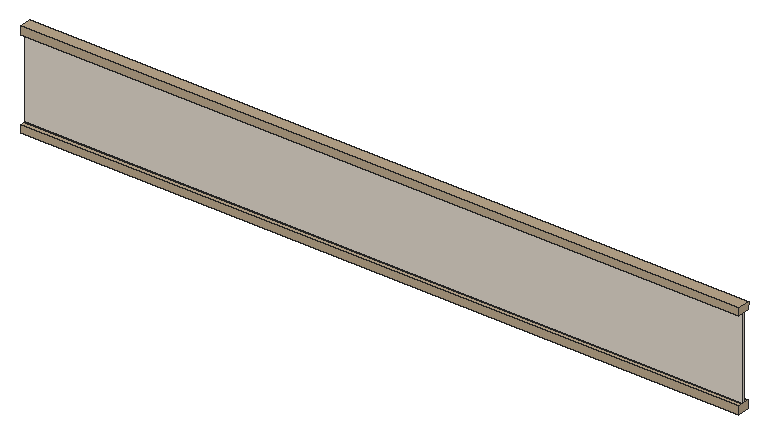
Revit family
Parameters (values of type "iLevel® TJI® Joists")
  iLevel® TJI® Joist Web = iLevel® TJI® Joist Web
  iLevel® TJI® Joist Flange = iLevel® TJI® Joist Flange
  iLevel® Product ID = ""
  Web Thickness = 0' - 0 3/8"
  URL = "http://www.ilevel.com/literature/TJ-4000.pdf"
  Model = "iLevel® TJI® Joists"
  Manufacturer = "iLevel® by Weyerhaeuser"
  Length [instance] = 10' - 0"
  Description = "iLevel® TJI® Joists"
  Depth = 1' - 4"
  Flange Width = 0' - 2 1/16"
  Flange Depth = 0' - 1 1/4"
  Assembly Code = ""
Reference planes (in)
  plane 1 "Center (Front/Back)": y = 0
  plane 2 "Center El.": z = 0
  plane 3 "Center (Left/Right)": x = 0
  plane 4 "Left": x = -60
  plane 5 "Member Left": x = -48
  plane 6 "Stick Symbol Left": x = -36
  plane 7 "Right": x = 60
  plane 8 "Member Right": x = 48
  plane 9 "Stick Symbol Right": x = 36
  plane 10 "Chord Left": y = 1.03125
  plane 11 "Chord Right": y = -1.03125
  plane 12 "Web Right": y = -0.1875
  plane 13 "Web Left": y = 0.1875
  plane 14 "BoJoist": z = -16
  plane 15: z = -1.25
  plane 16: z = -14.75
Forms (in)
  Extrusion 1, solid, material "iLevel® TJI® Joist Flange" <- "iLevel® TJI® Joist Flange", detail levels medium+fine
    sketch origin (0, 0, 0) x (0, 1, 0) y (0, 0, 1)
      loop
        line (1.03125, 0) -> (-1.03125, 0) -> (-1.03125, -1.25) -> (1.03125, -1.25) -> (1.03125, 0)
      loop
        line (-1.03125, -16) -> (1.03125, -16) -> (1.03125, -14.75) -> (-1.03125, -14.75) -> (-1.03125, -16)
    from -60 to 60
  Extrusion 2, solid, material "iLevel® TJI® Joist Web" <- "iLevel® TJI® Joist Web", detail levels medium+fine
    sketch origin (0, 0, 0) x (0, 1, 0) y (0, 0, 1)
      loop
        line (0.1875, -1.25) -> (0.14376, -0.75) -> (-0.14376, -0.75) -> (-0.1875, -1.25) -> (-0.1875, -14.75) -> (-0.14376, -15.25) -> (0.14376, -15.25) -> (0.1875, -14.75) -> (0.1875, -1.25)
    from -60 to 60
Lines and regions (in)
  model lines, style "Stick Symbols", detail levels coarse
    curve 1: line (-36, 0, 0) -> (36, 0, 0)
Dimensions and locks (in)
  equal spacing: plane 4 "Left", plane 3 "Center (Left/Right)", plane 7 "Right"
  "Length": plane 4 "Left" to plane 7 "Right"
  "Flange Depth": level to plane 15
  "Flange Depth": plane 16 to plane 14 "BoJoist"
  "Depth": level to plane 14 "BoJoist"
  equal spacing: plane 10 "Chord Left", plane 1 "Center (Front/Back)", plane 11 "Chord Right"
  equal spacing: plane 13 "Web Left", plane 1 "Center (Front/Back)", plane 12 "Web Right"
  "Flange Width": plane 10 "Chord Left" to plane 11 "Chord Right"
  "Web Thickness": plane 13 "Web Left" to plane 12 "Web Right"
  locked: plane 15 to Extrusion 2 sketch curve at 0.5
  locked: Extrusion 2 sketch curve to plane 16 at 0.5
  aligned and locked: plane 1 "Center (Front/Back)" to curve 1
  aligned and locked: plane 6 "Stick Symbol Left" to curve 1
  aligned and locked: plane 9 "Stick Symbol Right" to curve 1
  aligned and locked: plane 10 "Chord Left" to Extrusion 1 sketch curve
  aligned and locked: level to Extrusion 1 sketch curve
  aligned and locked: plane 15 to Extrusion 1 sketch curve
  aligned and locked: Extrusion 1 sketch curve to plane 11 "Chord Right"  (x2)
  aligned and locked: Extrusion 1 sketch curve to plane 14 "BoJoist"
  aligned and locked: plane 16 to Extrusion 1 sketch curve
  aligned and locked: Extrusion 1 sketch curve to plane 10 "Chord Left"
  aligned and locked: Extrusion 2 sketch curve to plane 12 "Web Right"
  aligned and locked: Extrusion 2 sketch curve to plane 13 "Web Left"
  aligned and locked: Extrusion 1 to Extrusion 2 sketch curve  (x4)
  aligned and locked: plane 4 "Left" to Extrusion 1
  aligned and locked: plane 4 "Left" to Extrusion 2
  aligned and locked: Extrusion 1 to plane 7 "Right"
  aligned and locked: Extrusion 2 to plane 7 "Right"
Automatic sketch dimensions
  plane 12 "Web Right" to Extrusion 2 sketch curve = 0' - 0.04374"  (x2)
  plane 13 "Web Left" to Extrusion 2 sketch curve = 0' - 0.04374"  (x2)
